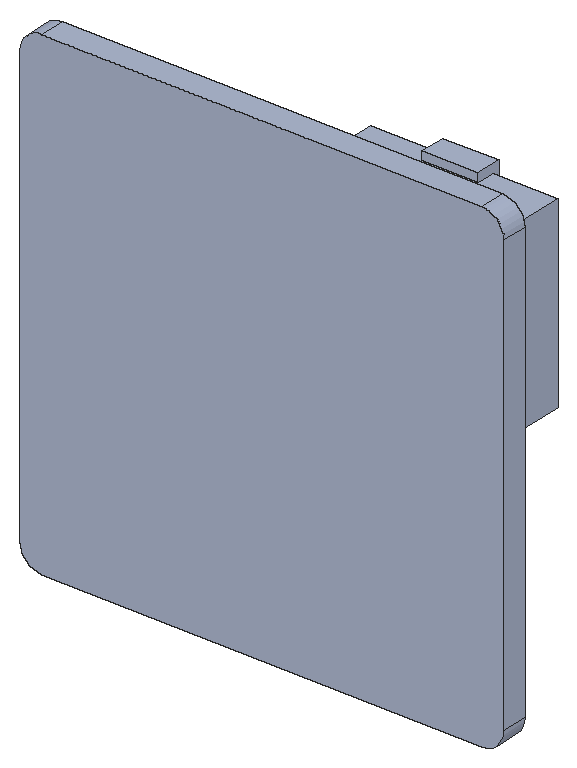
Revit family "BRG-GRF-CCN_Livorno Ducha sin Regadera Cromo", category Aparatos sanitarios, Revit 2019
Family settings
  Anfitrión = Muro
  Cota de conector redondo = Diámetro de uso
  Tipo de pieza = Normal
  Número OmniClass = 23.45.00.00
  Título OmniClass = Sanitary, Laundry, and Cleaning Equipment
  Siempre vertical = Sí
  Corte con vacíos al cargar = No
  Compartido = No
  Punto de cálculo de habitación = No
Parameters (values of type "LIVORNO MEZCLADORA MONOMANDO DE DUCHA")
  _EDESA_ Materiales = "Latón"
  _EDESA_ Garantía = "De por vida para el cuerpo principal y acabado en cromo (306)"
  _EDESA_ Cumple normativa ADA = ""
  _EDESA_ Conexión hidráulica = "Entrada de agua: tubería ø 1/2\""
  _EDESA_ Tipo de instalación = "Empotrado en la pared"
  _EDESA_ Sku/código = "SG0080683061CW"
  _EDESA_ Manual de instalación = "https://www.briggs.com.ec/productos/instructivos/Briggs/Griferia/Mezcladora_ducha_generico.pdf"
  _EDESA_ Profundidad en cm = "7.5"
  _EDESA_ Productos necesarios para instalación = "Regadera"
  _EDESA_ Productos incluídos = ""
  _EDESA_ Peso en kg = ""
  _EDESA_ Nombre = "LIVORNO MEZCLADORA MONOMANDO DE DUCHA"
  _EDESA_ Marca = "BRIGGS"
  _EDESA_ Distancia de instalación en cm (muro terminado) = ""
  _EDESA_ Descripción = "Grifería monomando de ducha para agua fría y caliente. Instalación empotrado en la pared."
  _EDESA_ Contacto comercial = "(02) 395 2900"
  _EDESA_ Consumo/capacidad de agua en L = "9.5 litros por minuto / 2.5 gpm en combinación con cualquiera de nuestras regaderas"
  _EDESA_ Color = "Cromo"
  _EDESA_ Certificación = "Cumple con norma NTE - INEN 3123 basada en la norma ASME 112.18.1 - 2012."
  _EDESA_ Categoría = "Productos > Grifería > Ducha"
  _EDESA_ Ancho en cm = "11"
  _EDESA_ Alto en cm = "14.4"
  URL = "https://www.briggs.com.ec/productos/fichastecnicaspdf/Briggs/Griferia/Livorno_ducha.pdf"
  Modelo = "LIVORNO MEZCLADORA MONOMANDO DE DUCHA"
  Fabricante = "BRIGGS Ecuador"
Reference planes (m)
  plane 1: y = 0
  plane 2 "Centro (Izquierda/Derecha)": x = 0.125
  plane 3 "Posterior": y = 0.075
Forms (m)
  Extrusion 1, solid, material ".MAT_Grifería_Cromo"
    sketch origin (0, 0.075, 2.791185) x (1, 0, 0) y (0, 0, 1)
      loop
        line (0.175, -1.672855) -> (0.125, -1.672855) -> (0.125, -1.782855) -> (0.175, -1.782855)
        arc (0.175, -1.782855) -> (0.178536, -1.78139) -> (0.18, -1.777855) r 0.005
        line (0.18, -1.777855) -> (0.18, -1.677855)
        arc (0.18, -1.677855) -> (0.178536, -1.674319) -> (0.175, -1.672855) r 0.005
    from -0.0059 to 0
  Extrusion 2, solid, material ".MAT_Grifería_Cromo"
    sketch origin (0.25, 0.075, 2.791185) x (-1, 0, 0) y (0, 0, -1)
      loop
        arc (0.175, 1.672855) -> (0.178536, 1.674319) -> (0.18, 1.677855) r 0.005
        line (0.18, 1.677855) -> (0.18, 1.777855)
        arc (0.18, 1.777855) -> (0.178536, 1.78139) -> (0.175, 1.782855) r 0.005
        line (0.175, 1.782855) -> (0.125, 1.782855) -> (0.125, 1.672855) -> (0.175, 1.672855)
    from -0.0059 to 0
  Extrusion 3, solid, material ".MAT_Grifería_Cromo"
    sketch origin (0, 0.075, 0) x (1, 0, 0) y (0, 0, 1)
      loop
        line (0.10375, 1.08458) -> (0.10375, 1.04208) -> (0.14625, 1.04208) -> (0.14625, 1.08458) -> (0.10375, 1.08458)
    from -0.02683 to -0.0059
Cuts and joins
  joined: Extrusion 1, Extrusion 2
Text (m)
  text "Cara de colocación" at (-1.787139, 0.59235, 0), in view "Nivel de referencia"
  text "Cara de colocación" at (0, 1.827695, 2.917686), in view "Izquierda"
  text "Cara de colocación" at (0, 0.562268, 3.853606), in view "Derecha"
Dimensions and locks (m)
  locked: plane 3 "Posterior" to host wall at 0
  aligned and locked: host wall to plane 1
  aligned and locked: nested 1 to plane 2 "Centro (Izquierda/Derecha)"
  aligned and locked: nested 1 to Extrusion 3
Nested families (m)
  nested 1: "Livorno Manija Vert" at (0.125, 0.06733, 0.17333) x (0, 1, 0) z (0, 0, 1), type "BELA MONOMANDO PARA LAVAMANOS CROMO"
Connectors (m)
  piping at (0.16, 0.075, 1.06333), diameter 0.0125
    settings: on Extrusion 1, index 4, connector inside diameter 609.6 mm, connector length 0.00 m, flow factor 0, pipe flow 0.0 L/s, pressure drop 0.0 Pa, fitting loss kfactor 0, connector angle 0.00°, fixture units 0, engagement length 0.00 m, angle of deflection 0.00°, flow configuration 0, flow direction 2, fitting loss method 0, system type 7, joint type 0, gender type 0, connector reference index -1, connector utility 0, adjustable connector no, is connector primary yes, connector description ""
  piping at (0.16, 0.075, 1.06333), diameter 0.0125
    settings: on Extrusion 1, index 5, connector inside diameter 609.6 mm, connector length 0.00 m, flow factor 0, pipe flow 0.0 L/s, pressure drop 0.0 Pa, fitting loss kfactor 0, connector angle 0.00°, fixture units 0, engagement length 0.00 m, angle of deflection 0.00°, flow configuration 0, flow direction 1, fitting loss method 0, system type 19, joint type 0, gender type 0, connector reference index -1, connector utility 0, adjustable connector no, is connector primary no, connector description ""
  piping at (0.09, 0.075, 1.06333), diameter 0.0125
    settings: on Extrusion 2, index 6, connector inside diameter 609.6 mm, connector length 0.00 m, flow factor 0, pipe flow 0.0 L/s, pressure drop 0.0 Pa, fitting loss kfactor 0, connector angle 0.00°, fixture units 0, engagement length 0.00 m, angle of deflection 0.00°, flow configuration 0, flow direction 1, fitting loss method 0, system type 20, joint type 0, gender type 0, connector reference index -1, connector utility 0, adjustable connector no, is connector primary no, connector description ""
Definition of nested family "Livorno Manija Vert"
  Parameters (values of type "BELA MONOMANDO PARA LAVAMANOS CROMO")
    _EDESA_tipo genérico = "Inodoro"
    _EDESA_URL de ficha técnica = "https://edesa.com.ec/productos/fichastecnicaspdf/Edesa/Sanitarios/Andes.pdf"
    _EDESA_Imagen = 0
    _EDESA_Fábrica nacional = "EDESA Ecuador"
    _EDESA_Código de producto = "JS0022641301CE"
    _EDESA_ Tolerancia dimensional = "± 3% > 20 cm ± 5% < 20 cm"
    _EDESA_ Tipo de montaje / instalación = "30.5 cm"
    _EDESA_ Superficie del agua = "15.5 cm x 18.8 cm"
    _EDESA_ SKU = "JS0022641301CE"
    _EDESA_ Material secundario = "Plástico blanco"
    _EDESA_ Material principal = "Porcelana tono verde mist"
    _EDESA_ Altura = 72.80 m
    _EDESA_ Peso = "23.20 Kg"
    _EDESA_ Nivel mínimo del agua del tanque = "17.5 cm"
    _EDESA_ Largo = 67.50 m
    _EDESA_ Espesor mínimo = "0.6 cm"
    _EDESA_ Diámetro trampa = "4.8 cm"
    _EDESA_ Color = "Blanco"
    _EDESA_ Categoria = "Two pieces"
    _EDESA_ Capacidad / consumo de agua = "4.8 litros"
    _EDESA_ Ancho = 36.50 m
    _EDESA_ Altura de sello = "5.1"
    _ALT_Toma = 0.55 m
    _ALT_Meson = 0.85 m
    URL = "https://edesa.com.ec/productos/fichastecnicaspdf/Edesa/Sanitarios/Andes.pdf"
    Model = "_Edesa_ INODORO ANDES C/A BLANCO"
    Type Image = (empty or 0)
    Manufacturer = "EDESA Ecuador"
    Vent Connection = yes
    Waste Connection = yes
    CW Connection = yes
    HW Connection = yes
  Reference planes (m)
    plane 1 "Centro (Frontal/Posterior)": y = 0
    plane 2: z = 0
    plane 3 "Centro (Izquierda/Derecha)": x = 0
    plane 4 "Centro I/F": z = 0.55
    plane 5: x = -0.102
    plane 6: x = 0.102
    plane 7 "_RP_Mando": through (0.08415, -1.524, 0.975786) normal (0.9903, 0, -0.1392)
  Forms (m)
    Revolve 1, solid
      sketch origin (-0.0085, 0, 1.8) x (1, 0, 0) y (0, 0, -1)
        loop
          arc (0.065465, 0.91) -> (0.057418, 0.923578) -> (0.043, 0.93) r 0.026
          line (0.043, 0.93) -> (0.043, 0.91) -> (0.065465, 0.91)
        axis (0.065465, 0.91) -> (0.043, 0.91)
      angle from 0 to 360
    Extrusion 2, solid
      sketch origin (0, 0, 0) x (0, 1, 0) y (0, 0, 1)
        loop
          line (0.02125, 0.91125) -> (-0.02125, 0.91125) -> (-0.02125, 0.86875) -> (0.02125, 0.86875) -> (0.02125, 0.91125)
      from 0.03615 to 0.06515
    Extrusion 3, solid
      sketch origin (0.025, 0, 0.001808) x (0, 1, 0) y (0, 0, 1)
        loop
          line (0.00635, 0.91125) -> (-0.00635, 0.91125) -> (-0.00635, 0.818492)
          spline (-0.00635, 0.818492) -> (-0.0061, 0.816502) -> (-0.005407, 0.815169) -> (-0.004361, 0.814361) -> (-0.003051, 0.813944) -> (-0.001565, 0.813787) -> (0.000008, 0.813756) -> (0.00158, 0.813767) -> (0.003063, 0.813909) -> (0.00437, 0.814319) -> (0.005411, 0.81513) -> (0.006101, 0.816476) -> (0.00635, 0.818492)
          line (0.00635, 0.818492) -> (0.00635, 0.91125)
      from 0.03615 to 0.04215
    Extrusion 4, void
      sketch origin (0, 0, 0) x (1, 0, 0) y (0, 0, 1)
        loop
          line (0.03615, 0.89) -> (0.04746, 0.915) -> (0.028035, 0.915) -> (0.028035, 0.89) -> (0.03615, 0.89)
      from -0.02125 to 0.02125
  Cuts and joins
    Extrusion 4 cuts Extrusion 2
  Dimensions and locks (m)
    "_ALT_Toma": plane 4 "Centro I/F" to plane 2
    aligned and locked: level to plane 2
  Automatic sketch dimensions
    plane 3 "Centro (Izquierda/Derecha)" to Revolve 1 sketch curve = 0.031629 m
    Revolve 1 sketch curve to Revolve 1 sketch curve = 0.002871 m
    Revolve 1 sketch curve to Revolve 1 sketch curve = 0.022465 m
    plane 4 "Centro I/F" to Revolve 1 sketch curve = 0.345841 m
    Revolve 1 sketch curve to Revolve 1 sketch curve = 0.005841 m  (x2)
    Revolve 1 sketch curve to Revolve 1 sketch curve = 0.007129 m
    Revolve 1 sketch curve to Revolve 1 sketch curve = 0.017535 m
    plane 1 "Centro (Frontal/Posterior)" to Extrusion 2 sketch curve = 0.02125 m
    Extrusion 2 sketch curve to plane 1 "Centro (Frontal/Posterior)" = 0.02125 m
    plane 4 "Centro I/F" to Extrusion 2 sketch curve = 0.31875 m
    Extrusion 2 sketch curve to Extrusion 2 sketch curve = 0.0425 m
    plane 3 "Centro (Izquierda/Derecha)" to Extrusion 4 sketch curve = 0.028035 m
    Extrusion 4 sketch curve to Extrusion 4 sketch curve = 0.008115 m
    plane 4 "Centro I/F" to Extrusion 4 sketch curve = 0.34 m
    Extrusion 4 sketch curve to Extrusion 4 sketch curve = 0.019425 m
    Extrusion 4 sketch curve to Extrusion 4 sketch curve = 0.025 m
    plane 1 "Centro (Frontal/Posterior)" to Extrusion 3 sketch curve = 0.00635 m
    Extrusion 3 sketch curve to plane 1 "Centro (Frontal/Posterior)" = 0.00635 m
    plane 4 "Centro I/F" to Extrusion 3 sketch curve = 0.2703 m
    Extrusion 3 sketch curve to Extrusion 3 sketch curve = 0.092758 m
